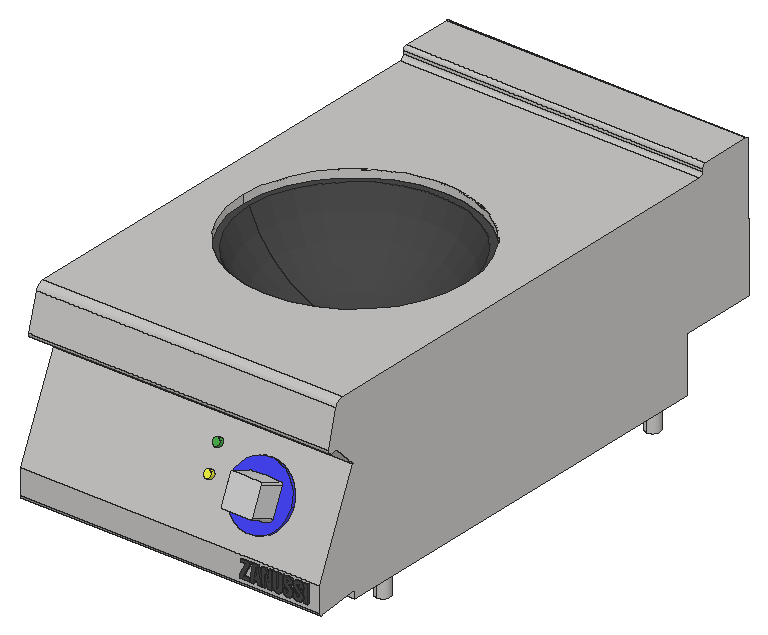
Revit family "QF_ZANUSSI_372282_Z7INEDW00P", category Specialty Equipment, Revit 2018
Family settings
  Round Connector Dimension = Use Diameter
  Part Type = Normal
  Work Plane-Based = No
  Always vertical = Yes
  Cut with Voids When Loaded = No
  Shared = No
  Room Calculation Point = No
Parameters (values of type "Standard")
  Weight = 20.00 kg
  Watts = 0 W
  Volts = 380 V
  URL Manufacturer = "http://www.zanussiprofessional.com"
  URL = "http://www.zanussiprofessional.com"
  Steam Supply Size = 0"
  Steam Supply Minimum Pressure = 0.00 psi
  Steam Supply Maximum Pressure = 0.00 psi
  Steam Pounds per Hour = 0
  Show Logo [instance] = yes
  Refrigeration Suction Line Size = 0"
  Refrigeration Liquid Line Size = 0"
  Refrigerant Compressor Remote = yes
  Phase = 3
  Model = "Z7INEDW00P"
  Manufacturer = "Zanussi"
  Length Actual = 400 mm  # constant formula
  Item Number = "372282"
  Hot Water Size = 0"
  Height Actual = 250 mm  # constant formula
  HP = "6.7 HP"
  Gas Size = 0"
  Gas KW = 0
  Gas Input Pressure = 0.0 Btu/h
  Direct Waste Size = 0"
  Description = "ELECTRIC INDUCTION WOK 5 KW 400 MM-700LINE"
  Depth Actual = 700 mm  # constant formula
  Cycle = 60 Hz
  Condensate Return Size = 0"
  Compressed Air Volume = 0 GPM
  Compressed Air Size = 0"
  Compressed Air Pressure = 0.00 psi
  Cold Water Size = 0"
  Accessory = yes
Types (2, lengths in mm): name | URL | Phase | Model | Manufacturer | Description
  (no name) | 0 | 0 | 0 | 0 | 0
  Standard | "http://www.zanussiprofessional.com" | 3 | "Z7INEDW00P" | "Zanussi" | "ELECTRIC INDUCTION WOK 5 KW 400 MM-700LINE"
Values of the unnamed type that differ from the named types
  Volts = 0 V
  URL Manufacturer = ""
  Item Number = ""
  Cycle = 0 Hz
Reference planes
  plane 1 "BACK": y = 0
  plane 2: z = 625
  plane 3 "LEFT": x = 0
  plane 4 "RIGHT": x = 400
  plane 5 "FRONT": y = -715
  plane 6 "TOP": z = 900
  plane 7 "Center Y": x = 200
  plane 8 "Center X": y = -357.5
  plane 9: z = 650
  plane 10: z = 915
  plane 11: y = -406.787
  plane 12: x = 388.888
  plane 13: x = 11.112
Forms (mm)
  Extrusion 1, solid, material "QF_Finishes_Stainless Steel"
    sketch origin (0, -199.871, 625) x (1, 0, 0) y (0, 1, 0)
      loop
        circle (11.012, 53.871) r 9.525
      loop
        circle (388.988, 53.871) r 9.525
      loop
        circle (11.012, -396.129) r 9.525
      loop
        circle (388.988, -396.129) r 9.525
    from 0 to 25
  Extrusion 2, void
    sketch origin (0, 35, 900) x (1, 0, 0) y (0, -1, 0)
      loop
        circle (200, 441.787) r 150
    from 0 to 10
  Revolve 3, void
    sketch origin (-6096, -406.787, 799.637) x (0, 0, -1) y (-1, 0, 0)
      loop
        line (-291, -6296) -> (9, -6296)
        arc (9, -6296) -> (-141, -6146) -> (-291, -6296) r 150
      axis (-291, -6296) -> (9, -6296)
    angle from 0 to 360
  Extrusion 4, solid, material "QF_Finishes_Stainless Steel"
    sketch origin (0, -103, 655) x (0, 0, 1) y (1, 0, 0)
      loop
        circle (32, 200) r 12.7
    from 0 to 5
  Extrusion 5, solid, material "QF_Finishes_Stainless Steel"
    sketch origin (0, 0, 626.187) x (0, 1, 0) y (0, 0, 1)
      loop
        arc (-70.257, 288.271) -> (-73.771, 286.815) -> (-75.227, 283.3) r 4.97
        line (-75.227, 283.3) -> (-75.227, 279.267)
        arc (-75.227, 279.267) -> (-76.824, 275.41) -> (-80.681, 273.812) r 5.454
        line (-80.681, 273.812) -> (-677.207, 273.812)
        arc (-677.207, 273.812) -> (-683.903, 271.54) -> (-687.832, 265.66) r 11
        line (-687.832, 265.66) -> (-700.149, 219.707)
        arc (-700.149, 219.707) -> (-699.226, 215.936) -> (-695.55, 214.687) r 4.036
        line (-695.55, 214.687) -> (-689.182, 215.81) -> (-659.407, 186.036) -> (-715, 65.25) -> (-715, 31.701)
        arc (-715, 31.701) -> (-713.842, 29.1) -> (-711.134, 28.221) r 3.5
        line (-711.134, 28.221) -> (-656, 34.015) -> (-656, 23.812) -> (-103, 23.812) -> (-103, 97.812) -> (0, 97.812) -> (0, 284.313)
        arc (0, 284.313) -> (-1.164, 287.133) -> (-3.978, 288.313) r 4
        line (-3.978, 288.313) -> (-70.292, 288.313)
    from 0 to 400
  Extrusion 6, solid, material "QF_Finishes_Green"
    sketch origin (0, -720.749, 678.947) x (0, 0.418102, 0.9084) y (-1, 0, 0)
      loop
        circle (116.668, -231.199) r 5
    from 0 to 5
  Extrusion 7, solid, material "QF_Finishes_Yellow"
    sketch origin (0, -735.382, 647.153) x (0, 0.418102, 0.9084) y (-1, 0, 0)
      loop
        circle (116.668, -231.199) r 5
    from 0 to 5
Cuts and joins
  Extrusion 2, Revolve 3 cuts Extrusion 5
Lines and regions (mm)
  symbolic lines
    curve 1: line (0, -715, 0) -> (278.132, -715, 0)
    curve 2: line (0, 0, 0) -> (0, -715, 0)
    curve 3: line (400, 0, 0) -> (0, 0, 0)
    curve 4: line (400, -715, 0) -> (400, 0, 0)
    curve 5: line (0, -75, 0) -> (400, -75, 0)
    curve 6: arc (50, -406.787, 0) -> (200, -256.787, 0) -> (350, -406.787, 0) r 150
    curve 7: arc (350, -406.787, 0) -> (200, -556.787, 0) -> (50, -406.787, 0) r 150
    curve 8: arc (341.421, -406.787, 0) -> (200, -548.208, 0) -> (58.579, -406.787, 0) r 141.421
    curve 9: arc (58.579, -406.787, 0) -> (200, -265.366, 0) -> (341.421, -406.787, 0) r 141.421
    curve 10: line (0, -700, 0) -> (400, -700, 0)
    curve 11: spline (280.706, -711.881, 0) -> (280.474, -711.901, 0) -> (280.249, -711.933, 0) -> (280.035, -711.976, 0) -> (279.835, -712.028, 0) -> (279.651, -712.091, 0) -> (279.485, -712.162, 0) -> (279.341, -712.241, 0) -> (279.221, -712.326, 0) -> (279.125, -712.417, 0) -> (279.056, -712.512, 0) -> (279.014, -712.609, 0) -> (279, -712.708, 0)
    curve 12: line (279, -712.708, 0) -> (279, -728.009, 0)
    curve 13: spline (279, -728.009, 0) -> (279.017, -728.118, 0) -> (279.068, -728.225, 0) -> (279.152, -728.329, 0) -> (279.268, -728.427, 0) -> (279.413, -728.518, 0) -> (279.586, -728.6, 0) -> (279.782, -728.672, 0) -> (280, -728.733, 0) -> (280.235, -728.781, 0) -> (280.482, -728.817, 0) -> (280.739, -728.838, 0) -> (281, -728.845, 0)
    curve 14: line (281, -728.845, 0) -> (319, -728.845, 0)
    curve 15: spline (319, -728.845, 0) -> (319.261, -728.838, 0) -> (319.518, -728.817, 0) -> (319.765, -728.781, 0) -> (320, -728.733, 0) -> (320.218, -728.672, 0) -> (320.414, -728.6, 0) -> (320.587, -728.518, 0) -> (320.732, -728.427, 0) -> (320.848, -728.329, 0) -> (320.932, -728.225, 0) -> (320.983, -728.118, 0) -> (321, -728.009, 0)
    curve 16: line (321, -728.009, 0) -> (321, -712.708, 0)
    curve 17: spline (321, -712.708, 0) -> (320.986, -712.609, 0) -> (320.944, -712.512, 0) -> (320.875, -712.417, 0) -> (320.779, -712.326, 0) -> (320.659, -712.241, 0) -> (320.515, -712.162, 0) -> (320.349, -712.091, 0) -> (320.165, -712.028, 0) -> (319.965, -711.976, 0) -> (319.751, -711.933, 0) -> (319.526, -711.901, 0) -> (319.294, -711.881, 0)
    curve 18: line (280.593, -700, 0) -> (280.706, -711.881, 0)
    curve 19: line (279, -712.708, 0) -> (278.152, -700, 0)
    curve 20: line (277.131, -700, 0) -> (279, -728.009, 0)
    curve 21: line (319.407, -700, 0) -> (319.294, -711.881, 0)
    curve 22: line (321, -712.708, 0) -> (321.848, -700, 0)
    curve 23: line (322.869, -700, 0) -> (321, -728.009, 0)
    curve 24: spline (264.831, -700, 0) -> (265.677, -700.506, 0) -> (266.565, -700.999, 0) -> (267.493, -701.479, 0) -> (268.461, -701.945, 0) -> (269.468, -702.397, 0) -> (270.511, -702.833, 0) -> (271.589, -703.255, 0) -> (272.703, -703.66, 0) -> (273.849, -704.049, 0) -> (275.027, -704.421, 0) -> (276.235, -704.776, 0) -> (277.472, -705.113, 0)
    curve 25: spline (322.528, -705.113, 0) -> (323.765, -704.776, 0) -> (324.973, -704.421, 0) -> (326.151, -704.049, 0) -> (327.297, -703.66, 0) -> (328.411, -703.255, 0) -> (329.489, -702.833, 0) -> (330.532, -702.397, 0) -> (331.539, -701.945, 0) -> (332.507, -701.479, 0) -> (333.435, -700.999, 0) -> (334.323, -700.506, 0) -> (335.169, -700, 0)
    curve 26: spline (319.294, -711.881, 0) -> (316.096, -711.699, 0) -> (312.889, -711.55, 0) -> (309.673, -711.434, 0) -> (306.452, -711.351, 0) -> (303.227, -711.301, 0) -> (300, -711.285, 0) -> (296.773, -711.301, 0) -> (293.548, -711.351, 0) -> (290.327, -711.434, 0) -> (287.111, -711.55, 0) -> (283.904, -711.699, 0) -> (280.706, -711.881, 0)
    curve 27: line (321.868, -715, 0) -> (400, -715, 0)
Dimensions and locks
  equal spacing: plane 3 "LEFT", plane 7 "Center Y", plane 4 "RIGHT"
  plane 3 "LEFT" to plane 4 "RIGHT" = 400 mm
  equal spacing: plane 5 "FRONT", plane 8 "Center X", plane 1 "BACK"
  plane 5 "FRONT" to plane 1 "BACK" = 715 mm
  plane 10 to level = 915 mm
  plane 9 to level = 650 mm
  plane 9 to plane 2 = 25 mm
  locked: plane 11 to plane 8 "Center X" at 49.287
  plane 10 to plane 6 "TOP" = 15 mm
  Extrusion 5 sketch curve to Extrusion 5 sketch curve = 39.496 mm
  Extrusion 5 sketch curve to Extrusion 5 sketch curve = 55.438 mm
  Extrusion 5 sketch curve to Extrusion 5 sketch curve = 5.296 mm
  plane 6 "TOP" to level = 900 mm
  radius of Extrusion 5 sketch curve = 4.036 mm
Automatic sketch dimensions
  curve 6 to curve 7 = 0 mm  (x2)
  curve 6 to curve 8 = 0 mm  (x2)
  curve 6 to curve 9 = 0 mm  (x2)
  curve 7 to curve 8 = 0 mm  (x2)
  curve 7 to curve 9 = 0 mm  (x2)
  curve 8 to curve 9 = 0 mm  (x2)
  curve 1 to plane 3 "LEFT" = 0 mm
  curve 6 to plane 11 = 0 mm
  curve 9 to plane 7 "Center Y" = 0 mm
  plane 5 "FRONT" to curve 1 = 0 mm
  plane 5 "FRONT" to curve 27 = 0 mm
  curve 4 to plane 4 "RIGHT" = 0 mm
  plane 1 "BACK" to curve 4 = 0 mm
  plane 5 "FRONT" to curve 20 = 13.009 mm
  plane 7 "Center Y" to curve 20 = 79 mm
  curve 18 to plane 5 "FRONT" = 3.119 mm
  curve 11 to curve 18 = 1.706 mm
  curve 12 to curve 14 = 2 mm
  plane 5 "FRONT" to curve 14 = 13.845 mm
  curve 13 to curve 14 = 38 mm
  curve 21 to plane 5 "FRONT" = 3.119 mm
  curve 15 to curve 21 = 0.294 mm
  plane 5 "FRONT" to curve 23 = 13.009 mm
  curve 15 to curve 23 = 2 mm
  curve 12 to curve 26 = 0.827 mm
  curve 16 to curve 17 = 0.827 mm
  curve 6 to plane 13 = 38.888 mm
  curve 6 to curve 8 = 8.579 mm
  curve 26 to plane 7 "Center Y" = 31.25 mm
  curve 24 to curve 11 = 14.169 mm
  curve 20 to plane 5 "FRONT" = 15 mm
  curve 24 to curve 20 = 12.301 mm
  curve 20 to curve 24 = 0.341 mm
  curve 20 to curve 19 = 1.021 mm
  curve 19 to curve 18 = 2.44 mm
  curve 11 to curve 11 = 0.294 mm
  curve 18 to curve 25 = 19.407 mm
  curve 24 to curve 25 = 0 mm  (x2)
  curve 17 to curve 17 = 0.294 mm
  curve 21 to curve 21 = 0.113 mm
  curve 21 to curve 22 = 2.44 mm
  curve 16 to curve 27 = 0.868 mm
  curve 25 to curve 23 = 0.341 mm
  curve 23 to curve 25 = 12.301 mm
  curve 25 to curve 25 = 7.245 mm
  curve 26 to curve 15 = 38.152 mm
  curve 5 to curve 2 = 75 mm
  Extrusion 1 sketch curve to Extrusion 1 sketch curve = 0 mm  (x8)
  plane 13 to Extrusion 1 sketch curve = 0.1 mm  (x2)
  Extrusion 1 sketch curve to plane 12 = 0.1 mm  (x2)
  Extrusion 1 sketch curve to plane 5 "FRONT" = 119 mm  (x2)
  plane 1 "BACK" to Extrusion 1 sketch curve = 146 mm  (x2)
  Extrusion 1 sketch curve to Extrusion 1 sketch curve = 9.525 mm  (x4)
  Extrusion 2 sketch curve to plane 7 "Center Y" = 0 mm
  Extrusion 2 sketch curve to plane 11 = 0 mm
  Revolve 3 sketch curve to plane 7 "Center Y" = 0 mm  (x2)
  plane 10 to Revolve 3 sketch curve = 175.638 mm
  plane 6 "TOP" to Revolve 3 sketch curve = 40.638 mm
  Revolve 3 sketch curve to plane 10 = 5 mm
  Revolve 3 sketch curve to plane 6 "TOP" = 25 mm
  Extrusion 4 sketch curve to plane 7 "Center Y" = 0 mm
  plane 9 to Extrusion 4 sketch curve = 37 mm
  Extrusion 5 to Extrusion 6 sketch curve = 30.047 mm
  Extrusion 5 to Extrusion 6 sketch curve = 168.801 mm
  Extrusion 5 to Extrusion 7 sketch curve = 65.047 mm
  Extrusion 5 to Extrusion 7 sketch curve = 168.801 mm
  Extrusion 5 sketch curve to plane 5 "FRONT" = 0 mm
  Extrusion 5 sketch curve to plane 6 "TOP" = 0 mm
  Extrusion 5 sketch curve to plane 9 = 0 mm
  Extrusion 5 sketch curve to plane 1 "BACK" = 0 mm
  Extrusion 5 sketch curve to plane 5 "FRONT" = 3.5 mm
  Extrusion 5 sketch curve to plane 5 "FRONT" = 14.851 mm
  Extrusion 5 sketch curve to Extrusion 5 sketch curve = 3.899 mm
  Extrusion 5 sketch curve to Extrusion 5 sketch curve = 0.701 mm
  Extrusion 5 sketch curve to Extrusion 5 sketch curve = 6.368 mm
  Extrusion 5 sketch curve to plane 6 "TOP" = 8.152 mm
  Extrusion 5 sketch curve to plane 5 "FRONT" = 27.168 mm
  Extrusion 5 sketch curve to Extrusion 5 sketch curve = 10.625 mm
  Extrusion 5 sketch curve to Extrusion 5 sketch curve = 29.775 mm
  Extrusion 5 sketch curve to Extrusion 5 sketch curve = 55.5 mm
  plane 6 "TOP" to Extrusion 5 sketch curve = 5.454 mm
  plane 1 "BACK" to Extrusion 5 sketch curve = 80.681 mm
  Extrusion 5 sketch curve to Extrusion 5 sketch curve = 4.97 mm
  plane 1 "BACK" to Extrusion 5 sketch curve = 4 mm
  Extrusion 5 sketch curve to plane 10 = 0.5 mm
  plane 1 "BACK" to Extrusion 5 sketch curve = 3.978 mm
  plane 9 to Extrusion 5 sketch curve = 7.889 mm
  plane 9 to Extrusion 5 sketch curve = 10.203 mm
  Extrusion 5 sketch curve to Extrusion 5 sketch curve = 33.549 mm
  Extrusion 5 sketch curve to Extrusion 5 sketch curve = 76.777 mm
  Extrusion 5 sketch curve to Extrusion 5 sketch curve = 4.034 mm
  Extrusion 5 sketch curve to Extrusion 5 sketch curve = 4 mm
  Extrusion 5 sketch curve to Extrusion 5 sketch curve = 0.366 mm
  Extrusion 5 sketch curve to Extrusion 5 sketch curve = 0 mm  (x2)
  plane 1 "BACK" to Extrusion 5 sketch curve = 103 mm
  Extrusion 5 sketch curve to Extrusion 5 sketch curve = 0.036 mm  (x2)
  plane 9 to Extrusion 5 sketch curve = 74 mm
  radius of Extrusion 2 sketch curve = 150 mm
  radius of Extrusion 4 sketch curve = 12.7 mm
  radius of Extrusion 6 sketch curve = 5 mm
  radius of Extrusion 7 sketch curve = 5 mm
Nested families
  nested 1: "ZAN_Logo_S" at (339.87, -715, 675.82) x (1, 0, 0) z (0, -1, 0), visible <- "Show Logo", type "ZAN_Logo_S"
  nested 2: "ZAN_Knob" at (300, -687.204, 751.83) x (-1, 0, 0) z (0, -0.9084, 0.4181), type "ZAN_Knob"
Connectors
  electrical at (200, -98, 687), driven by "Volts"
    settings: on Extrusion 4, index 1, voltage 380 V, apparent load 0 VA, apparent load phase1 5000 VA, apparent load phase2 0 VA, apparent load phase3 0 VA, power factor 0, load classification "Other", number of poles 1, system type 30, power factor state 1, is connector primary yes, connector utility no, sub classification motor no, connector description "Electrical Connection"
Definition of nested family "ZAN_Logo_S"
  Parameters
    Default Elevation = 0 mm
  Reference planes
    plane 1 "Centro (Fronte/Retro)": y = 0
    plane 2: z = 0
    plane 3 "Centro (Sinistra/Destra)": x = 0
    plane 4: x = 60.13
  Forms (mm)
    Extrusion 1, solid
      sketch origin (0, 0, 0) x (1, 0, 0) y (0, 1, 0)
        loop
          line (-1219.2, 1219.2) -> (-1219.2, -1219.2) -> (1219.2, -1219.2) -> (1219.2, 1219.2) -> (-1219.2, 1219.2)
      from 0 to -304.8
    Extrusion 2, solid
      sketch origin (17.793, -46.218, 0) x (-1, 0, 0) y (0, -1, 0)
        loop
          spline (-4.176, -58.079) -> (-3.496, -58.328) -> (-2.793, -58.512) -> (-2.075, -58.63) -> (-1.348, -58.682) -> (-0.619, -58.669) -> (0.106, -58.588) -> (0.818, -58.44) -> (1.512, -58.225) -> (2.18, -57.941) -> (2.817, -57.589) -> (3.414, -57.167) -> (3.966, -56.676)
          spline (3.966, -56.676) -> (4.293, -56.162) -> (4.575, -55.61) -> (4.81, -55.026) -> (5, -54.419) -> (5.146, -53.797) -> (5.247, -53.166) -> (5.304, -52.536) -> (5.318, -51.913) -> (5.288, -51.306) -> (5.217, -50.723) -> (5.103, -50.17) -> (4.949, -49.657)
          line (4.949, -49.657) -> (2.702, -46.428) -> (0.316, -44.323)
          spline (0.316, -44.323) -> (0.065, -44.115) -> (-0.195, -43.909) -> (-0.46, -43.704) -> (-0.729, -43.496) -> (-0.997, -43.282) -> (-1.263, -43.059) -> (-1.523, -42.825) -> (-1.774, -42.576) -> (-2.013, -42.309) -> (-2.238, -42.022) -> (-2.445, -41.712) -> (-2.632, -41.375)
          spline (-2.632, -41.375) -> (-2.666, -41.159) -> (-2.697, -40.934) -> (-2.722, -40.701) -> (-2.736, -40.465) -> (-2.736, -40.227) -> (-2.72, -39.989) -> (-2.682, -39.754) -> (-2.621, -39.524) -> (-2.533, -39.302) -> (-2.414, -39.091) -> (-2.261, -38.892) -> (-2.07, -38.708)
          line (-2.07, -38.708) -> (-0.245, -38.567)
          spline (-0.245, -38.567) -> (0.096, -38.8) -> (0.354, -39.074) -> (0.54, -39.381) -> (0.664, -39.716) -> (0.738, -40.073) -> (0.772, -40.445) -> (0.777, -40.825) -> (0.763, -41.208) -> (0.742, -41.588) -> (0.723, -41.957) -> (0.718, -42.309) -> (0.737, -42.638)
          line (0.737, -42.638) -> (5.65, -42.638)
          spline (5.65, -42.638) -> (5.708, -42.042) -> (5.741, -41.448) -> (5.747, -40.857) -> (5.723, -40.273) -> (5.668, -39.696) -> (5.58, -39.129) -> (5.457, -38.574) -> (5.297, -38.032) -> (5.098, -37.506) -> (4.857, -36.997) -> (4.574, -36.508) -> (4.247, -36.041)
          spline (4.247, -36.041) -> (3.844, -35.675) -> (3.409, -35.35) -> (2.946, -35.065) -> (2.458, -34.819) -> (1.949, -34.612) -> (1.421, -34.444) -> (0.88, -34.314) -> (0.326, -34.221) -> (-0.234, -34.165) -> (-0.8, -34.146) -> (-1.366, -34.163) -> (-1.93, -34.216)
          spline (-1.93, -34.216) -> (-2.526, -34.309) -> (-3.116, -34.448) -> (-3.695, -34.633) -> (-4.259, -34.861) -> (-4.801, -35.131) -> (-5.316, -35.444) -> (-5.799, -35.798) -> (-6.245, -36.191) -> (-6.648, -36.624) -> (-7.002, -37.095) -> (-7.303, -37.603) -> (-7.545, -38.146)
          spline (-7.545, -38.146) -> (-7.694, -38.815) -> (-7.792, -39.487) -> (-7.839, -40.158) -> (-7.836, -40.824) -> (-7.785, -41.482) -> (-7.685, -42.129) -> (-7.539, -42.762) -> (-7.347, -43.377) -> (-7.111, -43.97) -> (-6.83, -44.538) -> (-6.506, -45.078) -> (-6.141, -45.586)
          line (-6.141, -45.586) -> (-0.526, -50.64) -> (0.176, -51.482)
          spline (0.176, -51.482) -> (0.248, -51.66) -> (0.323, -51.843) -> (0.397, -52.03) -> (0.467, -52.22) -> (0.529, -52.412) -> (0.579, -52.605) -> (0.615, -52.798) -> (0.633, -52.989) -> (0.63, -53.179) -> (0.601, -53.366) -> (0.545, -53.55) -> (0.456, -53.728)
          spline (0.456, -53.728) -> (0.375, -53.892) -> (0.273, -54.034) -> (0.154, -54.155) -> (0.02, -54.258) -> (-0.126, -54.343) -> (-0.28, -54.412) -> (-0.441, -54.466) -> (-0.604, -54.508) -> (-0.767, -54.537) -> (-0.928, -54.556) -> (-1.082, -54.567) -> (-1.228, -54.57)
          line (-1.228, -54.57) -> (-2.632, -53.587) -> (-2.772, -50.64) -> (-7.405, -50.64)
          spline (-7.405, -50.64) -> (-7.41, -51.031) -> (-7.423, -51.432) -> (-7.44, -51.839) -> (-7.456, -52.251) -> (-7.469, -52.665) -> (-7.475, -53.079) -> (-7.468, -53.489) -> (-7.446, -53.894) -> (-7.404, -54.291) -> (-7.339, -54.679) -> (-7.247, -55.053) -> (-7.123, -55.412)
          spline (-7.123, -55.412) -> (-6.999, -55.693) -> (-6.837, -55.97) -> (-6.643, -56.244) -> (-6.422, -56.509) -> (-6.177, -56.765) -> (-5.913, -57.009) -> (-5.634, -57.238) -> (-5.346, -57.45) -> (-5.051, -57.643) -> (-4.755, -57.814) -> (-4.462, -57.96) -> (-4.176, -58.079)
        loop
          spline (-21.021, -55.552) -> (-20.633, -56.181) -> (-20.177, -56.736) -> (-19.661, -57.217) -> (-19.092, -57.627) -> (-18.478, -57.966) -> (-17.827, -58.237) -> (-17.147, -58.441) -> (-16.446, -58.578) -> (-15.73, -58.652) -> (-15.009, -58.662) -> (-14.29, -58.611) -> (-13.581, -58.5)
          spline (-13.581, -58.5) -> (-13.088, -58.407) -> (-12.595, -58.269) -> (-12.109, -58.088) -> (-11.636, -57.866) -> (-11.183, -57.605) -> (-10.756, -57.307) -> (-10.361, -56.974) -> (-10.004, -56.608) -> (-9.692, -56.211) -> (-9.431, -55.784) -> (-9.228, -55.33) -> (-9.089, -54.851)
          spline (-9.089, -54.851) -> (-8.873, -54.211) -> (-8.715, -53.559) -> (-8.615, -52.901) -> (-8.574, -52.241) -> (-8.592, -51.585) -> (-8.668, -50.938) -> (-8.802, -50.306) -> (-8.995, -49.693) -> (-9.247, -49.106) -> (-9.557, -48.55) -> (-9.925, -48.03) -> (-10.352, -47.551)
          line (-10.352, -47.551) -> (-15.546, -42.919) -> (-16.669, -41.234)
          spline (-16.669, -41.234) -> (-16.704, -41.021) -> (-16.735, -40.804) -> (-16.761, -40.583) -> (-16.778, -40.361) -> (-16.784, -40.139) -> (-16.774, -39.919) -> (-16.748, -39.701) -> (-16.7, -39.488) -> (-16.63, -39.28) -> (-16.533, -39.08) -> (-16.406, -38.889) -> (-16.248, -38.708)
          line (-16.248, -38.708) -> (-14.844, -38.427)
          spline (-14.844, -38.427) -> (-14.347, -38.545) -> (-13.969, -38.749) -> (-13.695, -39.028) -> (-13.508, -39.368) -> (-13.393, -39.757) -> (-13.335, -40.182) -> (-13.318, -40.63) -> (-13.326, -41.089) -> (-13.344, -41.546) -> (-13.356, -41.988) -> (-13.347, -42.403) -> (-13.3, -42.779)
          line (-13.3, -42.779) -> (-8.387, -42.638)
          spline (-8.387, -42.638) -> (-8.326, -42.034) -> (-8.288, -41.417) -> (-8.277, -40.794) -> (-8.299, -40.169) -> (-8.357, -39.548) -> (-8.457, -38.936) -> (-8.604, -38.339) -> (-8.803, -37.762) -> (-9.058, -37.21) -> (-9.375, -36.689) -> (-9.758, -36.204) -> (-10.212, -35.76)
          spline (-10.212, -35.76) -> (-10.793, -35.336) -> (-11.409, -34.976) -> (-12.054, -34.679) -> (-12.723, -34.445) -> (-13.409, -34.273) -> (-14.107, -34.163) -> (-14.811, -34.115) -> (-15.515, -34.127) -> (-16.213, -34.2) -> (-16.899, -34.333) -> (-17.568, -34.526) -> (-18.213, -34.777)
          spline (-18.213, -34.777) -> (-18.496, -34.897) -> (-18.783, -35.044) -> (-19.071, -35.216) -> (-19.357, -35.412) -> (-19.639, -35.629) -> (-19.915, -35.865) -> (-20.182, -36.119) -> (-20.438, -36.389) -> (-20.681, -36.672) -> (-20.907, -36.967) -> (-21.115, -37.272) -> (-21.301, -37.585)
          spline (-21.301, -37.585) -> (-21.55, -38.26) -> (-21.734, -38.948) -> (-21.854, -39.647) -> (-21.91, -40.351) -> (-21.901, -41.057) -> (-21.828, -41.761) -> (-21.69, -42.459) -> (-21.489, -43.148) -> (-21.222, -43.823) -> (-20.892, -44.48) -> (-20.497, -45.116) -> (-20.038, -45.726)
          line (-20.038, -45.726) -> (-14.142, -51.061) -> (-13.44, -52.886) -> (-14.002, -54.289) -> (-15.265, -54.57) -> (-16.669, -53.587) -> (-16.81, -50.78) -> (-21.582, -50.64)
          spline (-21.582, -50.64) -> (-21.558, -51.063) -> (-21.55, -51.491) -> (-21.554, -51.92) -> (-21.561, -52.35) -> (-21.567, -52.778) -> (-21.565, -53.201) -> (-21.547, -53.619) -> (-21.509, -54.029) -> (-21.444, -54.43) -> (-21.345, -54.818) -> (-21.206, -55.193) -> (-21.021, -55.552)
        loop
          line (-22.424, -34.216) -> (-27.337, -34.216) -> (-27.337, -58.22) -> (-22.424, -58.22) -> (-22.424, -34.216)
        loop
          line (14.213, -39.971) -> (14.213, -58.22) -> (19.126, -58.22) -> (19.126, -42.077) -> (18.845, -38.146) -> (18.424, -37.164) -> (17.442, -35.9) -> (16.459, -35.199) -> (14.494, -34.356) -> (13.511, -34.216) -> (11.265, -34.216) -> (10.142, -34.497) -> (8.458, -35.479) -> (6.493, -38.287) -> (6.352, -39.269) -> (6.352, -58.22) -> (11.265, -58.22) -> (11.265, -40.392) -> (11.827, -39.129) -> (13.371, -38.988) -> (14.213, -39.971)
        loop
          line (20.249, -58.22) -> (24.741, -58.22) -> (24.741, -42.919) -> (28.812, -58.22) -> (34.006, -58.22) -> (34.006, -34.216) -> (29.654, -34.216) -> (29.654, -50.078) -> (25.583, -34.216) -> (20.249, -34.216) -> (20.249, -58.22)
        loop
          line (50.149, -58.22) -> (62.361, -58.22) -> (62.361, -53.728) -> (55.904, -53.868) -> (62.923, -39.129) -> (62.923, -34.216) -> (50.149, -34.216) -> (50.149, -39.129) -> (57.517, -39.129) -> (50.149, -54.149) -> (50.149, -58.22)
        loop
          line (38.778, -58.22) -> (45.516, -58.22) -> (49.868, -34.216) -> (44.814, -34.216) -> (44.113, -38.848) -> (40.042, -38.848) -> (39.34, -34.216) -> (34.286, -34.216) -> (38.778, -58.22)
        loop
          line (43.551, -43.2) -> (40.744, -43.2) -> (42.147, -54.117) -> (43.551, -43.2)
      from 0 to 1.644
  Dimensions and locks
    aligned and locked: plane 2 to Extrusion 1
    aligned and locked: level to Extrusion 1
Definition of nested family "ZAN_Knob"
  Parameters (values of type "ZAN_Knob")
    Default Elevation = 0 mm
  Reference planes
    plane 1 "Centro (Fronte/Retro)": y = 0
    plane 2: z = 0
    plane 3 "Centro (Sinistra/Destra)": x = 0
  Forms (mm)
    Extrusion 1, solid
      sketch origin (0, 0, 0) x (1, 0, 0) y (0, 1, 0)
        loop
          line (-1219.2, 1219.2) -> (-1219.2, -1219.2) -> (1219.2, -1219.2) -> (1219.2, 1219.2) -> (-1219.2, 1219.2)
      from 0 to -304.8
    Extrusion 2, solid
      sketch origin (4.687, -48.923, 0) x (1, 0, 0) y (0, 1, 0)
        loop
          circle (-4.687, 48.923) r 42.414
      from 0 to 3.175
    Blend 3, solid
      base sketch origin (4.687, -48.923, 3.175) x (1, 0, 0) y (0, 1, 0)
        loop
          line (-23.687, 25.923) -> (14.313, 25.923)
          arc (14.313, 25.923) -> (17.142, 27.095) -> (18.313, 29.923) r 4
          line (18.313, 29.923) -> (18.313, 66.519)
          arc (18.313, 66.519) -> (17.342, 69.132) -> (14.901, 70.476) r 4
          arc (14.901, 70.476) -> (-4.687, 71.923) -> (-24.275, 70.476) r 133.25
          arc (-24.275, 70.476) -> (-26.716, 69.132) -> (-27.687, 66.519) r 4
          line (-27.687, 66.519) -> (-27.687, 29.923)
          arc (-27.687, 29.923) -> (-26.515, 27.095) -> (-23.687, 25.923) r 4
      top sketch origin (4.687, -48.923, 3.175) x (1, 0, 0) y (0, 1, 0)
        loop
          line (-25.687, 66.519) -> (-25.687, 29.923)
          arc (-25.687, 29.923) -> (-25.101, 28.509) -> (-23.687, 27.923) r 2
          line (-23.687, 27.923) -> (14.313, 27.923)
          arc (14.313, 27.923) -> (15.727, 28.509) -> (16.313, 29.923) r 2
          line (16.313, 29.923) -> (16.313, 66.519)
          arc (16.313, 66.519) -> (15.828, 67.825) -> (14.607, 68.498) r 2
          arc (14.607, 68.498) -> (-4.687, 69.923) -> (-23.981, 68.498) r 131.25
          arc (-23.981, 68.498) -> (-25.201, 67.825) -> (-25.687, 66.519) r 2
      from 0 to 33
  Lines and regions (mm)
    Split face 1
      outline origin (4.687, -48.923, 36.175) x (1, 0, 0) y (0, 1, 0)
        loop
          line (-6.687, 69.908) -> (-6.687, 62.923) -> (-2.687, 62.923) -> (-2.687, 69.908)
  Dimensions and locks
    aligned and locked: plane 2 to Extrusion 1
    aligned and locked: level to Extrusion 1
